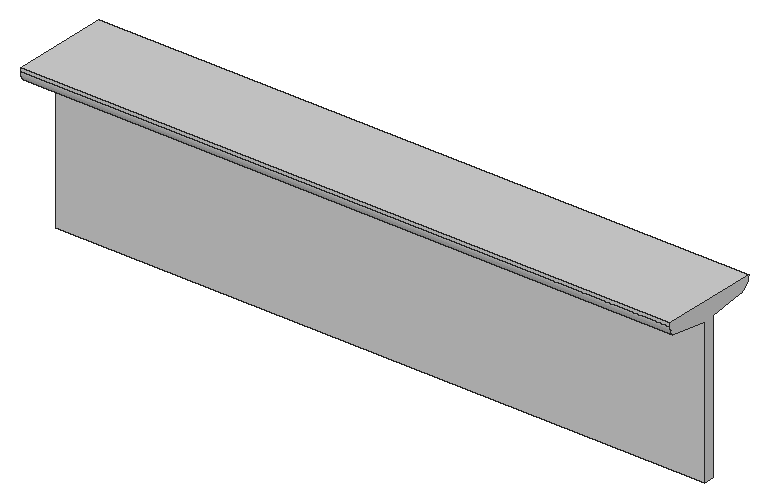
Revit family
Parameters (values of type "ST12X50")
  Start Extension Calculation [instance] = 10' 0 1/2" + Start Extension  # 10' - 0"
  Start Extension [instance] = -0' - 0 1/2"
  End Extension Calculation [instance] = 10' 0 1/2" + End Extension  # 10' - 0"
  End Extension [instance] = -0' - 0 1/2"
  Beam Material [instance] = Metal - Steel - ASTM A36
  A = 14.70 in²
  Assembly Code = "B10"
  Length [instance] = 5' - 0"
  W = 50
  bf = 0' - 7 1/4"
  d = 1' - 0"
  k = 0' - 1 3/4"
  tf = 0' - 0 223/256"
  tw = 0' - 0 191/256"
Types (2): name | A | W | bf | d | k | tf | tw
  ST9X35 | 10.30 in² | 35 | 0' - 6 1/4" | 0' - 9" | 0' - 1 1/2" | 0' - 0 177/256" | 0' - 0 91/128"
  ST12X50 | 14.70 in² | 50 | 0' - 7 1/4" | 1' - 0" | 0' - 1 3/4" | 0' - 0 223/256" | 0' - 0 191/256"
Reference planes (in)
  plane 1 "Center (Front/Back)": y = 0
  plane 2: z = 0
  plane 3 "Center (Left/Right)": x = 0.1815
  plane 4 "Member Left": x = -23.8185
  plane 5 "Member Right": x = 24.1815
  plane 6: y = 3.625
  plane 7: y = -3.625
  plane 8 "Top": z = 6
  plane 9: z = -6
  plane 10 "Left": x = -29.8185
  plane 11 "Right": x = 30.1815
  plane 12: x = -23.8185
  plane 13: x = 24.1815
  plane 14: x = 96.1815
  plane 15: x = -95.8185
Forms (in)
  Sweep 1, solid, material "Metal - Steel - ASTM A36" <- "Beam Material", detail levels fine
    path origin (0, 0, 0) x (1, 0, 0) y (0, 1, 0)
      loop
        line (24.1815, 0) -> (-23.8185, 0)
    profile "ST Structural Tee-Profile-Fine : ST Structural Tee-Profile-Fine" origin (0.1815, 0, 0) x (0, -1, 0) y (0, 0, 1)
      loop
        line (-3.625, 6) -> (-3.625, 5.94528)
        arc (-3.625, 5.94528) -> (-3.40075, 5.36185) -> (-2.84347, 5.0788) r 0.87109
        line (-2.84347, 5.0788) -> (-0.37305, 4.68753) -> (-0.37305, -6) -> (0.37305, -6) -> (0.37305, 4.61385) -> (3.30866, 5.0788)
        arc (3.30866, 5.0788) -> (3.54196, 5.37922) -> (3.625, 5.75041) r 0.87109
        line (3.625, 5.75041) -> (3.625, 6) -> (-3.625, 6)
  Sweep 2, solid, material "Metal - Steel - ASTM A36" <- "Beam Material", detail levels medium
    path origin (0, 0, 0) x (1, 0, 0) y (0, 1, 0)
      loop
        line (24.1815, 0) -> (-23.8185, 0)
    profile "ST Structural Tee-Profile-Medium : ST Structural Tee-Profile-Medium" origin (0.1815, 0, 0) x (0, -1, 0) y (0, 0, 1)
      loop
        line (-3.625, 6) -> (-3.625, 5.12891) -> (-0.37305, 4.61385) -> (-0.37305, -6) -> (0.37305, -6) -> (0.37305, 4.61385) -> (3.625, 5.12891) -> (3.625, 6) -> (-3.625, 6)
Lines and regions (in)
  symbolic lines, style "Hidden Faces", detail levels medium+fine
    curve 1: line (24.1815, -0.37305, 0) -> (-23.8185, -0.37305, 0)
    curve 2: line (24.1815, 0.37305, 0) -> (-23.8185, 0.37305, 0)
  symbolic lines, style "Stick Symbols", detail levels coarse
    curve 3: line (0.1815, 3.625, 6) -> (0.1815, -3.625, 6)
    curve 4: line (0.1815, 0, 6) -> (0.1815, 0, -6)
Dimensions and locks (in)
  "bf": plane 6 to plane 7
  "d": plane 9 to plane 8 "Top"
  equal spacing: plane 9, plane 2, plane 8 "Top"
  equal spacing: plane 6, plane 1 "Center (Front/Back)", plane 7
  "Length": plane 10 "Left" to plane 11 "Right"
  equal spacing: curve 2, plane 1 "Center (Front/Back)", curve 1
  "tw": curve 2 to curve 1
  locked: plane 4 "Member Left" to plane 14 at 120
  locked: plane 15 to plane 5 "Member Right" at 120
  "End Extension Calculation": plane 15 to plane 13
  "Start Extension Calculation": plane 12 to plane 14
  aligned and locked: Sweep 1 sketch curve to plane 1 "Center (Front/Back)"
  aligned and locked: Sweep 2 sketch curve to plane 1 "Center (Front/Back)"
  aligned and locked: Sweep 2 to curve 3  (x2)
  aligned and locked: curve 4 to Sweep 1
  aligned and locked: curve 3 to Sweep 2
  aligned and locked: plane 12 to Sweep 2 sketch curve
  aligned and locked: plane 13 to Sweep 2 sketch curve
  aligned and locked: plane 12 to Sweep 1 sketch curve
  aligned and locked: plane 13 to Sweep 1 sketch curve
  aligned and locked: plane 12 to curve 2
  aligned and locked: plane 12 to curve 1
  aligned and locked: plane 13 to curve 2
  aligned and locked: plane 13 to curve 1
Automatic sketch dimensions
  curve 4 to plane 1 "Center (Front/Back)" = 0' - 0"
